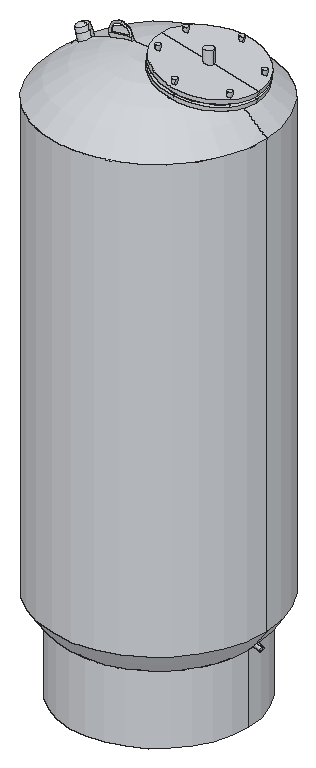
Revit family "NLA-1400", category Mechanical Equipment, Revit 2014
Parameters (values of type "NLA-1400")
  URL = "http://westank.com/"
  TankVolume = "370 Gallons"
  SystemConnectionAngle = 50.00°
  PartNumber = "22011400"
  OuterRadius = D / 2  # 15"
  Model = "NLA-1400"
  MaximumOperatingTemperature = "240°F"
  MaximumOperatingPressure = "125 PSIG"
  Manufacturer = "Wessels Company"
  InnerRadius = (D * 0.9844) / 2  # 14.766"
  HandleAngle = 118.00°
  G = 5 1/4"
  F = 3/4"
  DrainAngle = 63.00°
  D = 30"
  CylinderHeight = B * 0.90693  # 89.78607"
  C = 1 1/2"
  BottomOfTheCylinder = 6.11811"
  B = 99"
  ApproximateShipmentWeight = "875 lbs"
  Angle = 55.00°
  A = 36"
Reference planes (in)
  plane 1 "Center (Front/Back)": y = 0
  plane 2: z = 0
  plane 3 "Center (Left/Right)": x = 0
  plane 4: x = -18
  plane 5: z = 6.11811
  plane 6: z = 50.57709
  plane 7: y = 1.9685
  plane 8: y = -1.9685
  plane 9: z = 99
  plane 10: x = 18
  plane 11: z = 62.8728
  plane 12: y = 0.15626
  plane 13: y = -0.15626
  plane 14: x = -18
  plane 15: x = 18
  plane 16: x = -15
  plane 17: x = 15
  plane 18: z = 95.03607
  plane 19: z = 21.21085
  plane 20: y = 0
  plane 21: y = 8.22887
  plane 22: y = -8.22887
  plane 23: through (16.33207, -180, 13.25439) normal (0.454, 0, 0.891)
  plane 24: through (15.99157, -180, 12.58613) normal (0.454, 0, 0.891)
  plane 25: z = 86.78957
  plane 26: z = 86.28957
  plane 27: z = 87.28957
Forms (in)
  Revolve 1, solid
    sketch origin (0, 0, -5.125) x (1, 0, 0) y (0, 0, 1)
      loop
        arc (0, 100.78607) -> (-9.81848, 99.49433) -> (-18, 93.91457) r 21.36692
        line (-18, 93.91457) -> (-18, 20.41457)
        arc (-18, 20.41457) -> (-10.25622, 13.36337) -> (0, 11.24311) r 19.81986
        line (0, 11.24311) -> (0, 100.78607)
      axis (0, 100.78607) -> (0, 11.24311)
    angle from 0 to 360
  Extrusion 2, solid
    sketch origin (0, 0, 0) x (1, 0, 0) y (0, 1, 0)
      loop
        circle (0, 0) r 15
      loop
        circle (0, 0) r 14.766
    from 12.1119 to 0
  Revolve 3, solid
    sketch origin (-10.07034, 0, 87.77145) x (-0.343006, 0, 0.939333) y (-0.939333, 0, -0.343006)
      loop
        line (5.44847, -0.0719) -> (5.44847, -1.16029) -> (6.95487, -1.16029) -> (6.95487, -1.12732) -> (7.76301, -1.12732)
        arc (7.76301, -1.12732) -> (8.10825, -0.65594) -> (8.12516, -0.0719) r 0.9835
        line (8.12516, -0.0719) -> (5.44847, -0.0719)
      axis (5.44847, -0.0719) -> (8.12516, -0.0719)
    angle from 0 to 360
  Sweep 4, solid
    path origin (-5.34292, 0, 89.96094) x (-0.145954, 0, 0.989291) y (-0.989291, 0, -0.145954)
      loop
        arc (6.10198, 1.75) -> (7.85198, 0) -> (6.10198, -1.75) r 1.75
    profile origin (-6.48895, 0, 97.72883) x (-0.145954, 0, 0.989291) y (0, -1, 0)
      loop
        circle (0, 0) r 0.15625
  Extrusion 5, solid
    sketch origin (-4.63139, 0, 85.13815) x (-0.145954, 0, 0.989291) y (-0.989291, 0, -0.145954)
      loop
        line (10.97698, 1.90561) -> (10, 1.90561) -> (10, -1.9095) -> (10.97698, -1.9095) -> (10.97698, 1.90561)
    from 0.15626 to -0.15626
  Revolve 6, solid
    sketch origin (0.11338, 0, 21.09735) x (0.891007, 0, -0.45399) y (0.45399, 0, 0.891007)
      loop
        line (17.91414, 0) -> (19.19446, 0) -> (19.19446, 0.375) -> (17.91414, 0.375) -> (17.91414, 0)
      axis (17.91414, 0) -> (19.19446, 0)
    angle from 0 to 360
  Sweep 7, solid
    path origin (-12.73946, 0, 50.7352) x (-0.999986, 0, 0.005366) y (-0.005366, 0, -0.999986)
      loop
        arc (6.10198, 1.75) -> (7.85198, 0) -> (6.10198, -1.75) r 1.75
    profile origin (-20.59132, 0, 50.77733) x (-0.999986, 0, 0.005366) y (0, -1, 0)
      loop
        circle (0, 0) r 0.15625
  Extrusion 8, solid
    sketch origin (-7.86453, 0, 50.70904) x (-0.999986, 0, 0.005366) y (-0.005366, 0, -0.999986)
      loop
        line (10.97698, 1.90561) -> (10, 1.90561) -> (10, -1.9095) -> (10.97698, -1.9095) -> (10.97698, 1.90561)
    from 0.15626 to -0.15626
  Revolve 9, solid
    sketch origin (9.01301, 0, 63.62465) x (0.190809, 0, 0.981627) y (-0.981627, 0, 0.190809)
      loop
        line (32.69663, 6.72638) -> (28.95647, 6.72638) -> (28.95647, 0.77277)
        arc (28.95647, 0.77277) -> (29.95281, 0.94126) -> (30.92497, 0.66558) r 2.29548
        line (30.92497, 0.66558) -> (30.92497, -1.50804) -> (31.51552, -1.50804) -> (31.51552, -0.89176) -> (32.10608, -0.89176) -> (32.10608, -1.50804) -> (32.69663, -1.50804) -> (32.69663, 6.72638)
      axis (28.95647, 6.72638) -> (32.69663, 6.72638)
    angle from 0 to 360
  Extrusion 10, solid
    sketch origin (3.36532, 2.32651, 98.03105) x (0.804102, 0.573576, -0.156302) y (-0.563037, 0.819153, 0.109443)
      loop
        circle (-0.64109, 1.13295) r 0.3937
    from 0.59055 to -2.3622
  Extrusion 11, solid
    sketch origin (8.57281, 0, 92.98349) x (1, 0, 0) y (0, 1, 0)
      loop
        circle (-0.14174, 0) r 0.75
    from 6.01651 to 2.05258
  Extrusion 12, solid
    sketch origin (8.19871, 5.83586, 97.09154) x (0.873075, -0.457098, -0.169709) y (0.4487, 0.889416, -0.087218)
      loop
        circle (-0.64109, 1.13295) r 0.3937
    from 0.59055 to -2.3622
  Extrusion 13, solid
    sketch origin (13.5002, 3.11702, 96.06103) x (0.010279, -0.999945, -0.001998) y (0.981573, 0.010472, -0.190799)
      loop
        circle (-0.64109, 1.13295) r 0.3937
    from 0.59055 to -2.3622
  Extrusion 14, solid
    sketch origin (13.61191, -2.92838, 96.03932) x (-0.863487, -0.475624, 0.167845) y (0.466886, -0.879648, -0.090753)
      loop
        circle (-0.64109, 1.13295) r 0.3937
    from 0.59055 to -2.3622
  Extrusion 15, solid
    sketch origin (8.41461, -5.84854, 97.04957) x (-0.815717, 0.556295, 0.158559) y (-0.546074, -0.830985, 0.106146)
      loop
        circle (-0.64109, 1.13295) r 0.3937
    from 0.59055 to -2.3622
  Extrusion 16, solid
    sketch origin (3.455, -2.52699, 98.01362) x (0.102607, 0.994522, -0.019945) y (-0.97625, 0.104528, 0.189764)
      loop
        circle (-0.64109, 1.13295) r 0.3937
    from 0.59055 to -2.3622
  Extrusion 17, solid
    sketch origin (0, 0, 0) x (0, 1, 0) y (0, 0, 1)
      loop
        circle (0, 86.78957) r 0.5
    from -19.01425 to -17.76899
Cuts and joins
  joined: Revolve 1, Extrusion 2, Revolve 3, Extrusion 5, Revolve 6, Revolve 9, Extrusion 11, Extrusion 17
Lines and regions (in)
  reference lines
    curve 1: line (0, 0, 62.8728) -> (-4.15843, 0, 68.81165)
    curve 2: line (0, 0, 62.8728) -> (-3.40367, 0, 69.27417)
    curve 3: line (0, 0, 21.21085) -> (16.48362, 0, 12.81203)
Dimensions and locks (in)
  "BottomOfTheCylinder": plane 5 to level
  equal spacing: plane 7, plane 1 "Center (Front/Back)", plane 8
  "B": plane 9 to level
  equal spacing: plane 10, plane 3 "Center (Left/Right)", plane 4
  "A": plane 10 to plane 4
  equal spacing: plane 12, curve 2, plane 13
  equal spacing: plane 15, plane 3 "Center (Left/Right)", plane 14
  "A": plane 15 to plane 14
  equal spacing: plane 17, plane 3 "Center (Left/Right)", plane 16
  "D": plane 17 to plane 16
  locked: Revolve 3 sketch curve to Revolve 3 sketch curve at 0.03297
  equal spacing: plane 18, plane 6, plane 5
  equal spacing: plane 21, plane 20, plane 22
  Revolve 6 sketch curve to Revolve 6 sketch curve = 3/8"
  plane 23 to curve 3 to plane 24 = 0.32534", 0.42466"
  "F": plane 23 to plane 24
  locked: Revolve 9 sketch curve to Revolve 9 sketch curve at 0.59055  (x3)
  locked: Revolve 9 sketch curve to Revolve 9 sketch curve at 1.9685
  plane 27 to plane 26 = 1"
  locked: Revolve 1 to plane 25 at 2
  "OuterRadius": radius of Extrusion 2 sketch curve
  "InnerRadius": radius of Extrusion 2 sketch curve
  diameter of Extrusion 11 sketch curve = 1 1/2"
  "Angle": angle curve 1 to plane 11
  "HandleAngle": angle plane 11 to curve 2
  "DrainAngle": angle plane 3 "Center (Left/Right)" to curve 3
  aligned and locked: level to plane 2
  aligned and locked: Extrusion 2 to level
  aligned and locked: plane 4 to Revolve 1 sketch curve
  aligned and locked: plane 3 "Center (Left/Right)" to curve 1
  aligned and locked: plane 11 to curve 1
  aligned and locked: Revolve 3 sketch curve to Revolve 3 sketch curve
  aligned and locked: plane 11 to curve 2
  aligned and locked: plane 3 "Center (Left/Right)" to curve 2
  aligned and locked: Extrusion 5 sketch curve to Sweep 4
  aligned and locked: Extrusion 5 to plane 13
  aligned and locked: plane 12 to Extrusion 5
  aligned and locked: plane 19 to curve 3
  aligned and locked: plane 3 "Center (Left/Right)" to curve 3
  aligned and locked: plane 23 to Revolve 6
  aligned and locked: plane 24 to Revolve 6
  aligned and locked: plane 5 to Revolve 1 sketch curve
  aligned and locked: Extrusion 8 sketch curve to Sweep 7
  aligned and locked: Revolve 9 sketch curve to Revolve 9 sketch curve
  aligned and locked: plane 9 to Extrusion 11
  aligned and locked: Extrusion 11 to plane 18
Automatic sketch dimensions
  curve 1 to Revolve 3 sketch curve = 25.28585"
  Revolve 3 sketch curve to Revolve 3 sketch curve = 1.5064"
  Revolve 3 sketch curve to Revolve 3 sketch curve = 0"
  Revolve 3 sketch curve to Revolve 3 sketch curve = 0.22312"
  Revolve 3 sketch curve to Revolve 3 sketch curve = 0.80814"
  Revolve 3 sketch curve to Revolve 3 sketch curve = 0.94717"
  Revolve 3 sketch curve to curve 1 = 2.11036"
  Revolve 3 sketch curve to Revolve 3 sketch curve = 0.79058"
  curve 1 to Revolve 3 sketch curve = 19.83739"
  Revolve 3 sketch curve to Revolve 3 sketch curve = 0.07201"
  curve 2 to Sweep 4 sketch curve = 26.85026"
  Sweep 4 sketch curve to curve 2 = 1.10085"
  Sweep 4 sketch curve to Sweep 4 sketch curve = 1 3/4"
  Sweep 4 sketch curve to profile plane = 0"
  profile plane to Sweep 4 sketch curve = 0"
  Extrusion 5 sketch curve to Extrusion 5 sketch curve = 0.97698"
  Extrusion 5 sketch curve to curve 2 = 3.01035"
  Extrusion 5 sketch curve to Extrusion 5 sketch curve = 3.81511"
  curve 3 to Revolve 6 sketch curve = 0.04966"  (x2)
  Revolve 6 sketch curve to curve 3 = 0.43332"
  curve 3 to Revolve 6 sketch curve = 0.84701"
  curve 3 to Revolve 6 sketch curve = 0.15255"  (x2)
  plane 1 "Center (Front/Back)" to Extrusion 11 sketch curve = 0"
  Revolve 9 sketch curve to plane 18 = 1.7035"
  Revolve 9 sketch curve to Revolve 9 sketch curve = 1.09697"
  Revolve 9 sketch curve to Revolve 9 sketch curve = 5.95361"
  Revolve 9 sketch curve to Revolve 9 sketch curve = 0.10719"
  Revolve 9 sketch curve to Revolve 9 sketch curve = 1.55734"
  Revolve 9 sketch curve to Revolve 9 sketch curve = 0.61629"
  Revolve 9 sketch curve to Revolve 9 sketch curve = 8.34842"
  Revolve 9 sketch curve to Revolve 9 sketch curve = 0.08857"
  Revolve 9 sketch curve to Revolve 9 sketch curve = 0"
  Revolve 1 sketch curve to plane 3 "Center (Left/Right)" = 0"  (x2)
  Revolve 1 sketch curve to plane 5 = 0"
  level to Revolve 1 sketch curve = 15.28957"
  plane 11 to Revolve 1 sketch curve = 11.53471"
  Revolve 1 sketch curve to plane 18 = 6.2465"
  Revolve 1 sketch curve to plane 18 = 1.18638"
  curve 2 to Sweep 7 sketch curve = 18.77612"
  curve 2 to Sweep 7 sketch curve = 12.20578"
  curve 2 to Sweep 7 sketch curve = 10.45578"
  Sweep 7 sketch curve to profile plane = 0"
  profile plane to Sweep 7 sketch curve = 0"
  curve 2 to Extrusion 8 sketch curve = 17.79914"
  curve 2 to Extrusion 8 sketch curve = 10.29628"
  curve 2 to Extrusion 8 sketch curve = 14.11139"
  Revolve 1 sketch curve to plane 3 "Center (Left/Right)" = 1.25819"
  Revolve 1 sketch curve to plane 3 "Center (Left/Right)" = 2.19805"
  Revolve 9 sketch curve to plane 17 = 7.06463"
  Extrusion 11 sketch curve to plane 17 = 6.56893"
  Extrusion 17 sketch curve to plane 1 "Center (Front/Back)" = 0"
  plane 25 to Extrusion 17 sketch curve = 0"
  Extrusion 2 sketch curve to Extrusion 2 sketch curve = 0"  (x2)
  plane 1 "Center (Front/Back)" to Extrusion 2 sketch curve = 0"
  Extrusion 2 sketch curve to plane 3 "Center (Left/Right)" = 0"
  radius of Sweep 4 sketch curve = 5/32"
  radius of Extrusion 10 sketch curve = 0.3937"
  radius of Extrusion 12 sketch curve = 0.3937"
  radius of Extrusion 13 sketch curve = 0.3937"
  radius of Extrusion 14 sketch curve = 0.3937"
  radius of Extrusion 15 sketch curve = 0.3937"
  radius of Extrusion 16 sketch curve = 0.3937"
  radius of Sweep 7 sketch curve = 5/32"
  radius of Extrusion 17 sketch curve = 1/2"
Connectors (in)
  piping at (8.43107, 0, 99), diameter 1.5, driven by "C"
    settings: on Extrusion 11, index 1, connector inside diameter 24", connector length 0", flow factor 0, pipe flow 0 GPM, pressure drop 0.00 psi, fitting loss kfactor 0, connector angle 0.00°, fixture units 0, engagement length 0", angle of deflection 0.00°, flow configuration 0, flow direction 0, fitting loss method 0, system type 7, joint type 0, gender type 0, connector reference index -1, connector utility 0, adjustable connector no, is connector primary yes, connector description ""
  piping at (17.21577, 0, 12.38325), diameter 0.75, driven by "F"
    settings: on Revolve 6, index 2, connector inside diameter 24", connector length 0", flow factor 0, pipe flow 0 GPM, pressure drop 0.00 psi, fitting loss kfactor 0, connector angle 0.00°, fixture units 0, engagement length 0", angle of deflection 0.00°, flow configuration 0, flow direction 0, fitting loss method 0, system type 7, joint type 0, gender type 0, connector reference index -1, connector utility 0, adjustable connector no, is connector primary no, connector description ""
